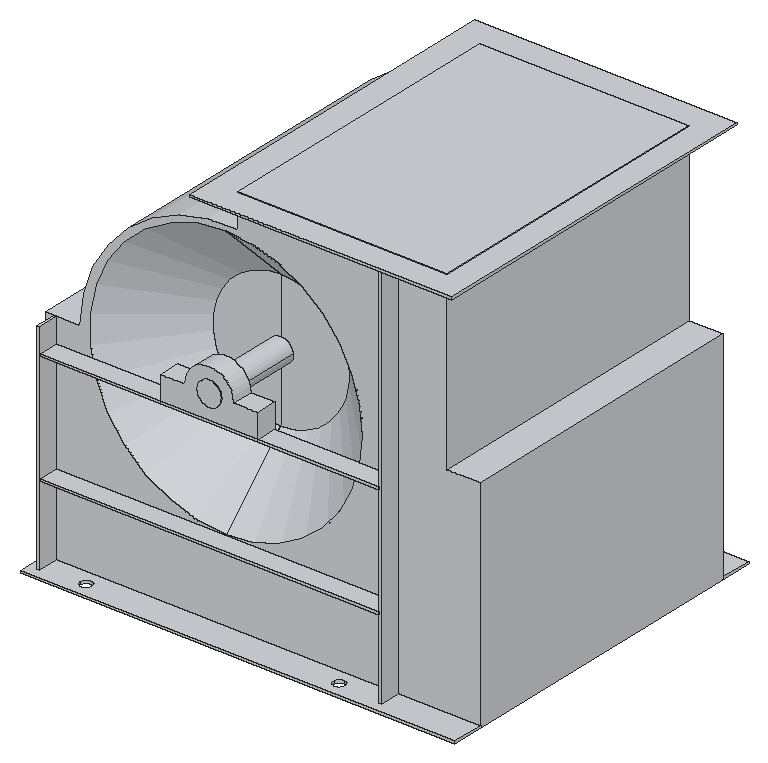
Revit family "CA_DWDI_CCW_UBD", category Mechanical Equipment, Revit 2019 (continued)
Types (61): name | X/2 | X | W/2 | W | V | U | T | S | R/2 | R+R | R | P-N-M | P-N | P | N | M/2 | M | L | K | J | INLET/2 | INLET | H | G/5*3 | G/10*3 | G-2.5" | G-(G/5*3) | G+((G/5*3)+2") | G | F-.125" | F-((D-A)/2) | F | E/2 | E | D/2 | D | B/2 | B+.25" | B | A/2 | A+.25" | A | Type Comments | -P | -((B+.25")/2) | (M-(B+.25"))/2 | (G/5*3)+2" | (D-A-.25)/2 | ((B+.25")/2)
  245_CA-DWDI_CCW_UBD_CLASS_2 | 1' - 8 21/32" | 3' - 5 5/16" | 0' - 0 13/32" | 0' - 0 13/16" | 0' - 8" | 1' - 1 1/2" | 1' - 6 21/32" | 3' - 1 5/16" | 0' - 1 7/32" | 0' - 4 7/8" | 0' - 2 7/16" | 0' - 2 1/4" | -3' - 5 5/16" | 4' - 2 1/16" | 0' - 8 3/4" | 1' - 7 17/32" | 3' - 3 1/16" | 1' - 7 17/32" | 0' - 2" | 1' - 8 7/8" | 1' - 2 23/32" | 2' - 5 7/16" | 4' - 1 1/2" | 1' - 2 23/32" | 0' - 7 23/64" | 1' - 10 9/16" | 0' - 10 9/32" | 3' - 5 23/32" | 2' - 1" | 3' - 10" | 3' - 8 7/16" | 3' - 10 1/8" | 1' - 7 7/32" | 3' - 2 7/16" | 1' - 2 7/16" | 2' - 4 7/8" | 1' - 5 17/32" | 2' - 11 5/16" | 2' - 11 1/16" | 1' - 0 3/4" | 2' - 1 3/4" | 2' - 1 1/2" | "Airfoil Centrifugal Blower Counter-Clockwise Up Blast Arrangement 3 Class 2" | -4' - 2 1/16" | -1' - 5 21/32" | 0' - 1 7/8" | 1' - 4 23/32" | 0' - 1 9/16" | 1' - 5 21/32"
  245_CA-DWDI_CCW_UBD_CLASS_3 | 1' - 8 21/32" | 3' - 5 5/16" | 0' - 0 13/32" | 0' - 0 13/16" | 0' - 8" | 1' - 1 1/2" | 1' - 6 21/32" | 3' - 1 5/16" | 0' - 1 3/32" | 0' - 4 3/8" | 0' - 2 3/16" | 0' - 2 7/8" | -3' - 5 15/16" | 4' - 2 11/16" | 0' - 8 3/4" | 1' - 7 17/32" | 3' - 3 1/16" | 1' - 7 17/32" | 0' - 2" | 1' - 8 7/8" | 1' - 2 23/32" | 2' - 5 7/16" | 4' - 1 1/2" | 1' - 2 23/32" | 0' - 7 23/64" | 1' - 10 13/16" | 0' - 10 9/32" | 3' - 5 23/32" | 2' - 1" | 3' - 10" | 3' - 8 7/16" | 3' - 10 1/8" | 1' - 7 7/32" | 3' - 2 7/16" | 1' - 2 7/16" | 2' - 4 7/8" | 1' - 5 17/32" | 2' - 11 5/16" | 2' - 11 1/16" | 1' - 0 3/4" | 2' - 1 3/4" | 2' - 1 1/2" | "Airfoil Centrifugal Blower Counter-Clockwise Up Blast Arrangement 3 Class 3" | -4' - 2 11/16" | -1' - 5 21/32" | 0' - 1 7/8" | 1' - 4 23/32" | 0' - 1 9/16" | 1' - 5 21/32"
  270_CA-DWDI_CCW_UBD_CLASS_2 | 1' - 10 27/32" | 3' - 9 11/16" | 0' - 0 13/32" | 0' - 0 13/16" | 0' - 9" | 1' - 3" | 1' - 8 27/32" | 3' - 5 11/16" | 0' - 1 11/32" | 0' - 5 3/8" | 0' - 2 11/16" | 0' - 2 1/2" | -3' - 9 15/16" | 4' - 6 15/16" | 0' - 9" | 1' - 9 23/32" | 3' - 7 7/16" | 1' - 9 23/32" | 0' - 2" | 1' - 11 3/8" | 1' - 3 31/32" | 2' - 7 15/16" | 4' - 6 3/4" | 1' - 3 31/32" | 0' - 7 63/64" | 2' - 0 5/16" | 0' - 11 1/32" | 3' - 8 31/32" | 2' - 3" | 4' - 2 1/8" | 4' - 0 9/16" | 4' - 2 1/4" | 1' - 9 13/32" | 3' - 6 13/16" | 1' - 3 7/16" | 2' - 6 7/8" | 1' - 7 23/32" | 3' - 3 11/16" | 3' - 3 7/16" | 1' - 1 3/4" | 2' - 3 3/4" | 2' - 3 1/2" | "Airfoil Centrifugal Blower Counter-Clockwise Up Blast Arrangement 3 Class 2" | -4' - 6 15/16" | -1' - 7 27/32" | 0' - 1 7/8" | 1' - 5 31/32" | 0' - 1 9/16" | 1' - 7 27/32"
  270_CA-DWDI_CCW_UBD_CLASS_3 | 1' - 10 27/32" | 3' - 9 11/16" | 0' - 0 13/32" | 0' - 0 13/16" | 0' - 9" | 1' - 3" | 1' - 8 27/32" | 3' - 5 11/16" | 0' - 1 3/32" | 0' - 4 3/8" | 0' - 2 3/16" | 0' - 2 7/8" | -3' - 10 5/16" | 4' - 7 1/16" | 0' - 8 3/4" | 1' - 9 23/32" | 3' - 7 7/16" | 1' - 9 23/32" | 0' - 2" | 1' - 11 3/8" | 1' - 3 31/32" | 2' - 7 15/16" | 4' - 6 3/4" | 1' - 3 31/32" | 0' - 7 63/64" | 2' - 0 13/16" | 0' - 11 1/32" | 3' - 8 31/32" | 2' - 3" | 4' - 2 1/8" | 4' - 0 9/16" | 4' - 2 1/4" | 1' - 9 13/32" | 3' - 6 13/16" | 1' - 3 7/16" | 2' - 6 7/8" | 1' - 7 23/32" | 3' - 3 11/16" | 3' - 3 7/16" | 1' - 1 3/4" | 2' - 3 3/4" | 2' - 3 1/2" | "Airfoil Centrifugal Blower Counter-Clockwise Up Blast Arrangement 3 Class 3" | -4' - 7 1/16" | -1' - 7 27/32" | 0' - 1 7/8" | 1' - 5 31/32" | 0' - 1 9/16" | 1' - 7 27/32"
  300_CA-DWDI_CCW_UBD_CLASS_2 | 2' - 0 5/8" | 4' - 1 1/4" | 0' - 0 13/32" | 0' - 0 13/16" | 0' - 10" | 1' - 4 1/2" | 1' - 10 5/8" | 3' - 9 1/4" | 0' - 1 11/32" | 0' - 5 3/8" | 0' - 2 11/16" | 0' - 2 1/2" | -4' - 1 1/2" | 4' - 11" | 0' - 9 1/2" | 1' - 11 1/2" | 3' - 11" | 1' - 11 1/2" | 0' - 2" | 2' - 1 3/8" | 1' - 5 15/32" | 2' - 10 15/16" | 5' - 0" | 1' - 5 15/32" | 0' - 8 47/64" | 2' - 3 5/16" | 1' - 0 17/32" | 4' - 1 15/32" | 2' - 6" | 4' - 7 3/4" | 4' - 6 5/32" | 4' - 7 7/8" | 1' - 11 7/32" | 3' - 10 7/16" | 1' - 5 5/16" | 2' - 10 5/8" | 1' - 9 1/2" | 3' - 7 1/4" | 3' - 7" | 1' - 3 19/32" | 2' - 7 7/16" | 2' - 7 3/16" | "Airfoil Centrifugal Blower Counter-Clockwise Up Blast Arrangement 3 Class 2" | -4' - 11" | -1' - 9 5/8" | 0' - 1 7/8" | 1' - 7 15/32" | 0' - 1 19/32" | 1' - 9 5/8"
  300_CA-DWDI_CCW_UBD_CLASS_3 | 2' - 0 5/8" | 4' - 1 1/4" | 0' - 0 13/32" | 0' - 0 13/16" | 0' - 10" | 1' - 4 1/2" | 1' - 10 5/8" | 3' - 9 1/4" | 0' - 1 7/32" | 0' - 4 7/8" | 0' - 2 7/16" | 0' - 2 7/8" | -4' - 1 7/8" | 4' - 11 3/8" | 0' - 9 1/2" | 1' - 11 1/2" | 3' - 11" | 1' - 11 1/2" | 0' - 2" | 2' - 1 3/8" | 1' - 5 15/32" | 2' - 10 15/16" | 5' - 0" | 1' - 5 15/32" | 0' - 8 47/64" | 2' - 3 9/16" | 1' - 0 17/32" | 4' - 1 15/32" | 2' - 6" | 4' - 7 3/4" | 4' - 6 5/32" | 4' - 7 7/8" | 1' - 11 7/32" | 3' - 10 7/16" | 1' - 5 5/16" | 2' - 10 5/8" | 1' - 9 1/2" | 3' - 7 1/4" | 3' - 7" | 1' - 3 19/32" | 2' - 7 7/16" | 2' - 7 3/16" | "Airfoil Centrifugal Blower Counter-Clockwise Up Blast Arrangement 3 Class 3" | -4' - 11 3/8" | -1' - 9 5/8" | 0' - 1 7/8" | 1' - 7 15/32" | 0' - 1 19/32" | 1' - 9 5/8"
  330_CA-DWDI_CCW_UBD_CLASS_2 | 2' - 2 23/32" | 4' - 5 7/16" | 0' - 0 13/32" | 0' - 0 13/16" | 1' - 0" | 1' - 6" | 2' - 0 21/32" | 4' - 1 5/16" | 0' - 1 3/32" | 0' - 4 3/8" | 0' - 2 3/16" | 0' - 3" | -4' - 6 1/16" | 5' - 3 11/16" | 0' - 9 5/8" | 2' - 1 17/32" | 4' - 3 1/16" | 2' - 1 17/32" | 0' - 2" | 2' - 3 7/8" | 1' - 6 31/32" | 3' - 1 15/16" | 5' - 5 3/4" | 1' - 6 31/32" | 0' - 9 31/64" | 2' - 6 13/16" | 1' - 2 1/32" | 4' - 5 31/32" | 2' - 9" | 5' - 1 1/4" | 4' - 11 5/32" | 5' - 1 3/8" | 2' - 1 3/4" | 4' - 3 1/2" | 1' - 7 15/32" | 3' - 2 15/16" | 1' - 11 17/32" | 3' - 11 5/16" | 3' - 11 1/16" | 1' - 5 1/4" | 2' - 10 3/4" | 2' - 10 1/2" | "Airfoil Centrifugal Blower Counter-Clockwise Up Blast Arrangement 3 Class 2" | -5' - 3 11/16" | -1' - 11 21/32" | 0' - 1 7/8" | 1' - 8 31/32" | 0' - 2 3/32" | 1' - 11 21/32"
  330_CA-DWDI_CCW_UBD_CLASS_3 | 2' - 2 23/32" | 4' - 5 7/16" | 0' - 0 13/32" | 0' - 0 13/16" | 1' - 0" | 1' - 6" | 2' - 0 21/32" | 4' - 1 5/16" | 0' - 1 7/32" | 0' - 4 7/8" | 0' - 2 7/16" | 0' - 2 7/8" | -4' - 5 15/16" | 5' - 3 15/16" | 0' - 10" | 2' - 1 17/32" | 4' - 3 1/16" | 2' - 1 17/32" | 0' - 2" | 2' - 3 7/8" | 1' - 6 31/32" | 3' - 1 15/16" | 5' - 5 3/4" | 1' - 6 31/32" | 0' - 9 31/64" | 2' - 6 9/16" | 1' - 2 1/32" | 4' - 5 31/32" | 2' - 9" | 5' - 1 1/4" | 4' - 11 5/32" | 5' - 1 3/8" | 2' - 1 3/4" | 4' - 3 1/2" | 1' - 7 15/32" | 3' - 2 15/16" | 1' - 11 17/32" | 3' - 11 5/16" | 3' - 11 1/16" | 1' - 5 1/4" | 2' - 10 3/4" | 2' - 10 1/2" | "Airfoil Centrifugal Blower Counter-Clockwise Up Blast Arrangement 3 Class 3" | -5' - 3 15/16" | -1' - 11 21/32" | 0' - 1 7/8" | 1' - 8 31/32" | 0' - 2 3/32" | 1' - 11 21/32"
  365_CA-DWDI_CCW_UBD_CLASS_2 | 2' - 5 9/32" | 4' - 10 9/16" | 0' - 0 13/32" | 0' - 0 13/16" | 1' - 1" | 1' - 8" | 2' - 3 7/32" | 4' - 6 7/16" | 0' - 1 7/32" | 0' - 4 7/8" | 0' - 2 7/16" | 0' - 2 7/8" | -4' - 11 1/16" | 5' - 9 9/16" | 0' - 10 1/2" | 2' - 4 3/32" | 4' - 8 3/16" | 2' - 4 3/32" | 0' - 2" | 2' - 6 5/8" | 1' - 8 23/32" | 3' - 5 7/16" | 6' - 0 3/8" | 1' - 8 23/32" | 0' - 10 23/64" | 2' - 9 9/16" | 1' - 3 9/32" | 4' - 10 23/32" | 3' - 0" | 5' - 7 5/16" | 5' - 5 7/32" | 5' - 7 7/16" | 2' - 4 5/16" | 4' - 8 5/8" | 1' - 9 9/16" | 3' - 7 1/8" | 2' - 2 3/32" | 4' - 4 7/16" | 4' - 4 3/16" | 1' - 7 11/32" | 3' - 2 15/16" | 3' - 2 11/16" | "Airfoil Centrifugal Blower Counter-Clockwise Up Blast Arrangement 3 Class 2" | -5' - 9 9/16" | -2' - 2 7/32" | 0' - 1 7/8" | 1' - 10 23/32" | 0' - 2 3/32" | 2' - 2 7/32"
  365_CA-DWDI_CCW_UBD_CLASS_3 | 2' - 5 9/32" | 4' - 10 9/16" | 0' - 0 13/32" | 0' - 0 13/16" | 1' - 1" | 1' - 8" | 2' - 3 7/32" | 4' - 6 7/16" | 0' - 1 11/32" | 0' - 5 3/8" | 0' - 2 11/16" | 0' - 3 3/8" | -4' - 11 9/16" | 5' - 10 1/16" | 0' - 10 1/2" | 2' - 4 3/32" | 4' - 8 3/16" | 2' - 4 3/32" | 0' - 2" | 2' - 6 5/8" | 1' - 8 23/32" | 3' - 5 7/16" | 6' - 0 3/8" | 1' - 8 23/32" | 0' - 10 23/64" | 2' - 9 5/16" | 1' - 3 9/32" | 4' - 10 23/32" | 3' - 0" | 5' - 7 5/16" | 5' - 5 7/32" | 5' - 7 7/16" | 2' - 4 5/16" | 4' - 8 5/8" | 1' - 9 9/16" | 3' - 7 1/8" | 2' - 2 3/32" | 4' - 4 7/16" | 4' - 4 3/16" | 1' - 7 11/32" | 3' - 2 15/16" | 3' - 2 11/16" | "Airfoil Centrifugal Blower Counter-Clockwise Up Blast Arrangement 3 Class 3" | -5' - 10 1/16" | -2' - 2 7/32" | 0' - 1 7/8" | 1' - 10 23/32" | 0' - 2 3/32" | 2' - 2 7/32"
  402_CA-DWDI_CCW_UBD_CLASS_2 | 2' - 8 19/32" | 5' - 5 3/16" | 0' - 0 17/32" | 0' - 1 1/16" | 1' - 2" | 1' - 10" | 2' - 6 21/32" | 5' - 1 5/16" | 0' - 1 7/32" | 0' - 4 7/8" | 0' - 2 7/16" | 0' - 1 7/8" | -5' - 5 11/16" | 6' - 3 11/16" | 0' - 10" | 2' - 7 29/32" | 5' - 3 13/16" | 2' - 7 29/32" | 0' - 3" | 2' - 9 5/8" | 1' - 10 19/32" | 3' - 9 3/16" | 6' - 8 3/8" | 1' - 10 19/32" | 0' - 11 19/64" | 3' - 1 9/16" | 1' - 5 13/32" | 5' - 4 19/32" | 3' - 4" | 6' - 2 9/16" | 6' - 0 15/32" | 6' - 2 11/16" | 2' - 7 1/8" | 5' - 2 1/4" | 1' - 11 3/32" | 3' - 10 3/16" | 2' - 4 29/32" | 4' - 10 1/16" | 4' - 9 13/16" | 1' - 8 7/8" | 3' - 6" | 3' - 5 3/4" | "Airfoil Centrifugal Blower Counter-Clockwise Up Blast Arrangement 3 Class 2" | -6' - 3 11/16" | -2' - 5 1/32" | 0' - 2 7/8" | 2' - 0 19/32" | 0' - 2 3/32" | 2' - 5 1/32"
  402_CA-DWDI_CCW_UBD_CLASS_3 | 2' - 8 19/32" | 5' - 5 3/16" | 0' - 0 17/32" | 0' - 1 1/16" | 1' - 2" | 1' - 10" | 2' - 6 21/32" | 5' - 1 5/16" | 0' - 1 11/32" | 0' - 5 3/8" | 0' - 2 11/16" | 0' - 1 7/8" | -5' - 5 11/16" | 6' - 4 3/16" | 0' - 10 1/2" | 2' - 7 29/32" | 5' - 3 13/16" | 2' - 7 29/32" | 0' - 3" | 2' - 9 5/8" | 1' - 10 19/32" | 3' - 9 3/16" | 6' - 8 3/8" | 1' - 10 19/32" | 0' - 11 19/64" | 3' - 1 5/16" | 1' - 5 13/32" | 5' - 4 19/32" | 3' - 4" | 6' - 2 9/16" | 6' - 0 15/32" | 6' - 2 11/16" | 2' - 7 1/8" | 5' - 2 1/4" | 1' - 11 3/32" | 3' - 10 3/16" | 2' - 4 29/32" | 4' - 10 1/16" | 4' - 9 13/16" | 1' - 8 7/8" | 3' - 6" | 3' - 5 3/4" | "Airfoil Centrifugal Blower Counter-Clockwise Up Blast Arrangement 3 Class 3" | -6' - 4 3/16" | -2' - 5 1/32" | 0' - 2 7/8" | 2' - 0 19/32" | 0' - 2 3/32" | 2' - 5 1/32"
  445_CA-DWDI_CCW_UBD_CLASS_2 | 2' - 11 13/16" | 5' - 11 5/8" | 0' - 0 17/32" | 0' - 1 1/16" | 1' - 4" | 2' - 0" | 2' - 9 7/8" | 5' - 7 3/4" | 0' - 1 11/32" | 0' - 5 3/8" | 0' - 2 11/16" | 0' - 2 1/4" | -6' - 0 1/2" | 6' - 11 1/2" | 0' - 11" | 2' - 11 1/8" | 5' - 10 1/4" | 2' - 11 1/8" | 0' - 3" | 3' - 1 1/8" | 2' - 0 23/32" | 4' - 1 7/16" | 7' - 4 1/2" | 2' - 0 23/32" | 1' - 0 23/64" | 3' - 5 5/16" | 1' - 7 9/32" | 5' - 10 23/32" | 3' - 8" | 6' - 10 3/16" | 6' - 8 3/32" | 6' - 10 5/16" | 2' - 10 11/32" | 5' - 8 11/16" | 2' - 1 3/16" | 4' - 2 3/8" | 2' - 8 1/8" | 5' - 4 1/2" | 5' - 4 1/4" | 1' - 10 31/32" | 3' - 10 3/16" | 3' - 9 15/16" | "Airfoil Centrifugal Blower Counter-Clockwise Up Blast Arrangement 3 Class 2" | -6' - 11 1/2" | -2' - 8 1/4" | 0' - 2 7/8" | 2' - 2 23/32" | 0' - 2 3/32" | 2' - 8 1/4"
  445_CA-DWDI_CCW_UBD_CLASS_3 | 2' - 11 13/16" | 5' - 11 5/8" | 0' - 0 17/32" | 0' - 1 1/16" | 1' - 4" | 2' - 0" | 2' - 9 7/8" | 5' - 7 3/4" | 0' - 1 15/32" | 0' - 5 7/8" | 0' - 2 15/16" | 0' - 2 1/4" | -6' - 0 1/2" | 6' - 11 1/2" | 0' - 11" | 2' - 11 1/8" | 5' - 10 1/4" | 2' - 11 1/8" | 0' - 3" | 3' - 1 1/8" | 2' - 0 23/32" | 4' - 1 7/16" | 7' - 4 1/2" | 2' - 0 23/32" | 1' - 0 23/64" | 3' - 5 1/16" | 1' - 7 9/32" | 5' - 10 23/32" | 3' - 8" | 6' - 10 3/16" | 6' - 8 3/32" | 6' - 10 5/16" | 2' - 10 11/32" | 5' - 8 11/16" | 2' - 1 3/16" | 4' - 2 3/8" | 2' - 8 1/8" | 5' - 4 1/2" | 5' - 4 1/4" | 1' - 10 31/32" | 3' - 10 3/16" | 3' - 9 15/16" | "Airfoil Centrifugal Blower Counter-Clockwise Up Blast Arrangement 3 Class 3" | -6' - 11 1/2" | -2' - 8 1/4" | 0' - 2 7/8" | 2' - 2 23/32" | 0' - 2 3/32" | 2' - 8 1/4"
  490_CA-DWDI_CCW_UBD_CLASS_2 | 3' - 2 3/4" | 6' - 5 1/2" | 0' - 0 17/32" | 0' - 1 1/16" | 1' - 6" | 2' - 2 1/2" | 3' - 0 13/16" | 6' - 1 5/8" | 0' - 1 23/32" | 0' - 6 7/8" | 0' - 3 7/16" | 0' - 2 1/4" | -6' - 6 3/8" | 7' - 6 3/8" | 1' - 0" | 3' - 2 1/16" | 6' - 4 1/8" | 3' - 2 1/16" | 0' - 3" | 3' - 4 3/4" | 2' - 3 1/2" | 4' - 7" | 8' - 1" | 2' - 3 1/2" | 1' - 1 3/4" | 3' - 8 9/16" | 1' - 8 1/2" | 6' - 5 1/2" | 4' - 0" | 7' - 6 1/16" | 7' - 3 31/32" | 7' - 6 3/16" | 3' - 1 9/32" | 6' - 2 9/16" | 2' - 3 23/32" | 4' - 7 7/16" | 2' - 11 1/16" | 5' - 10 3/8" | 5' - 10 1/8" | 2' - 1 1/2" | 4' - 3 1/4" | 4' - 3" | "Airfoil Centrifugal Blower Counter-Clockwise Up Blast Arrangement 3 Class 2" | -7' - 6 3/8" | -2' - 11 3/16" | 0' - 2 7/8" | 2' - 5 1/2" | 0' - 2 3/32" | 2' - 11 3/16"
  490_CA-DWDI_CCW_UBD_CLASS_3 | 3' - 2 3/4" | 6' - 5 1/2" | 0' - 0 17/32" | 0' - 1 1/16" | 1' - 6" | 2' - 2 1/2" | 3' - 0 13/16" | 6' - 1 5/8" | 0' - 1 23/32" | 0' - 6 7/8" | 0' - 3 7/16" | 0' - 2 1/2" | -6' - 6 5/8" | 7' - 6 5/8" | 1' - 0" | 3' - 2 1/16" | 6' - 4 1/8" | 3' - 2 1/16" | 0' - 3" | 3' - 4 3/4" | 2' - 3 1/2" | 4' - 7" | 8' - 1" | 2' - 3 1/2" | 1' - 1 3/4" | 3' - 8 9/16" | 1' - 8 1/2" | 6' - 5 1/2" | 4' - 0" | 7' - 6 1/16" | 7' - 3 31/32" | 7' - 6 3/16" | 3' - 1 9/32" | 6' - 2 9/16" | 2' - 3 23/32" | 4' - 7 7/16" | 2' - 11 1/16" | 5' - 10 3/8" | 5' - 10 1/8" | 2' - 1 1/2" | 4' - 3 1/4" | 4' - 3" | "Airfoil Centrifugal Blower Counter-Clockwise Up Blast Arrangement 3 Class 3" | -7' - 6 5/8" | -2' - 11 3/16" | 0' - 2 7/8" | 2' - 5 1/2" | 0' - 2 3/32" | 2' - 11 3/16"
  540_CA-DWDI_CCW_UBD_CLASS_2 | 3' - 8 5/32" | 7' - 4 5/16" | 0' - 0 17/32" | 0' - 1 1/16" | 1' - 8" | 2' - 5" | 3' - 4 23/32" | 6' - 9 7/16" | 0' - 1 31/32" | 0' - 7 7/8" | 0' - 3 15/16" | 0' - 2 1/4" | -7' - 2 3/16" | 8' - 3 15/16" | 1' - 1 3/4" | 3' - 5 31/32" | 6' - 11 15/16" | 3' - 5 31/32" | 0' - 3" | 3' - 8 7/8" | 2' - 6" | 5' - 0" | 8' - 10 5/8" | 2' - 6" | 1' - 3" | 4' - 1 1/16" | 1' - 11" | 7' - 1" | 4' - 5" | 8' - 3 3/8" | 8' - 1 9/32" | 8' - 3 1/2" | 3' - 5 3/16" | 6' - 10 3/8" | 2' - 6 3/32" | 5' - 0 3/16" | 3' - 2 31/32" | 6' - 6 3/16" | 6' - 5 15/16" | 2' - 3 7/8" | 4' - 8" | 4' - 7 3/4" | "Airfoil Centrifugal Blower Counter-Clockwise Up Blast Arrangement 3 Class 2" | -8' - 3 15/16" | -3' - 3 3/32" | 0' - 2 7/8" | 2' - 8" | 0' - 2 3/32" | 3' - 3 3/32"
  540_CA-DWDI_CCW_UBD_CLASS_3 | 3' - 8 5/32" | 7' - 4 5/16" | 0' - 0 17/32" | 0' - 1 1/16" | 1' - 8" | 2' - 5" | 3' - 4 23/32" | 6' - 9 7/16" | 0' - 1 31/32" | 0' - 7 7/8" | 0' - 3 15/16" | 0' - 2 1/16" | -7' - 2" | 8' - 4 3/16" | 1' - 2 3/16" | 3' - 5 31/32" | 6' - 11 15/16" | 3' - 5 31/32" | 0' - 3" | 3' - 8 7/8" | 2' - 6" | 5' - 0" | 8' - 10 5/8" | 2' - 6" | 1' - 3" | 4' - 1 1/16" | 1' - 11" | 7' - 1" | 4' - 5" | 8' - 3 3/8" | 8' - 1 9/32" | 8' - 3 1/2" | 3' - 5 3/16" | 6' - 10 3/8" | 2' - 6 3/32" | 5' - 0 3/16" | 3' - 2 31/32" | 6' - 6 3/16" | 6' - 5 15/16" | 2' - 3 7/8" | 4' - 8" | 4' - 7 3/4" | "Airfoil Centrifugal Blower Counter-Clockwise Up Blast Arrangement 3 Class 3" | -8' - 4 3/16" | -3' - 3 3/32" | 0' - 2 7/8" | 2' - 8" | 0' - 2 3/32" | 3' - 3 3/32"
  600_CA-DWDI_CCW_UBD_CLASS_2 | 4' - 0 5/16" | 8' - 0 5/8" | 0' - 0 17/32" | 0' - 1 1/16" | 1' - 10" | 2' - 8" | 3' - 8 7/8" | 7' - 5 3/4" | 0' - 1 31/32" | 0' - 7 7/8" | 0' - 3 15/16" | 0' - 2 1/4" | -7' - 10 1/2" | 9' - 0 3/4" | 1' - 2 1/4" | 3' - 10 1/8" | 7' - 8 1/4" | 3' - 10 1/8" | 0' - 3" | 4' - 1 3/4" | 2' - 9" | 5' - 6" | 9' - 10" | 2' - 9" | 1' - 4 1/2" | 4' - 7 1/16" | 2' - 2" | 7' - 10" | 4' - 11" | 9' - 2 9/16" | 9' - 0 15/32" | 9' - 2 11/16" | 3' - 9 11/32" | 7' - 6 11/16" | 2' - 9 5/16" | 5' - 6 5/8" | 3' - 7 1/8" | 7' - 2 1/2" | 7' - 2 1/4" | 2' - 7 3/32" | 5' - 2 7/16" | 5' - 2 3/16" | "Airfoil Centrifugal Blower Counter-Clockwise Up Blast Arrangement 3 Class 2" | -9' - 0 3/4" | -3' - 7 1/4" | 0' - 2 7/8" | 2' - 11" | 0' - 2 3/32" | 3' - 7 1/4"
  600_CA-DWDI_CCW_UBD_CLASS_3 | 4' - 0 5/16" | 8' - 0 5/8" | 0' - 0 17/32" | 0' - 1 1/16" | 1' - 10" | 2' - 8" | 3' - 8 7/8" | 7' - 5 3/4" | 0' - 2 7/32" | 0' - 8 7/8" | 0' - 4 7/16" | 0' - 3 3/4" | -8' - 0" | 9' - 2 3/4" | 1' - 2 3/4" | 3' - 10 1/8" | 7' - 8 1/4" | 3' - 10 1/8" | 0' - 3" | 4' - 1 3/4" | 2' - 9" | 5' - 6" | 9' - 10" | 2' - 9" | 1' - 4 1/2" | 4' - 6 9/16" | 2' - 2" | 7' - 10" | 4' - 11" | 9' - 2 9/16" | 9' - 0 15/32" | 9' - 2 11/16" | 3' - 9 11/32" | 7' - 6 11/16" | 2' - 9 5/16" | 5' - 6 5/8" | 3' - 7 1/8" | 7' - 2 1/2" | 7' - 2 1/4" | 2' - 7 3/32" | 5' - 2 7/16" | 5' - 2 3/16" | "Airfoil Centrifugal Blower Counter-Clockwise Up Blast Arrangement 3 Class 3" | -9' - 2 3/4" | -3' - 7 1/4" | 0' - 2 7/8" | 2' - 11" | 0' - 2 3/32" | 3' - 7 1/4"
  660_CA-DWDI_CCW_UBD_CLASS_2 | 4' - 4 5/8" | 8' - 9 1/4" | 0' - 0 17/32" | 0' - 1 1/16" | 2' - 1" | 2' - 11" | 4' - 1 3/16" | 8' - 2 3/8" | 0' - 2 7/32" | 0' - 8 7/8" | 0' - 4 7/16" | 0' - 2 7/16" | -8' - 7 5/16" | 9' - 10 5/8" | 1' - 3 5/16" | 4' - 2 7/16" | 8' - 4 7/8" | 4' - 2 7/16" | 0' - 3" | 4' - 6 5/8" | 3' - 0" | 6' - 0" | 10' - 9 3/8" | 3' - 0" | 1' - 6" | 5' - 0 9/16" | 2' - 5" | 8' - 7" | 5' - 5" | 10' - 1 3/4" | 9' - 11 21/32" | 10' - 1 7/8" | 4' - 1 21/32" | 8' - 3 5/16" | 3' - 0 7/16" | 6' - 0 7/8" | 3' - 11 7/16" | 7' - 11 1/8" | 7' - 10 7/8" | 2' - 10 7/32" | 5' - 8 11/16" | 5' - 8 7/16" | "Airfoil Centrifugal Blower Counter-Clockwise Up Blast Arrangement 3 Class 2" | -9' - 10 5/8" | -3' - 11 9/16" | 0' - 2 7/8" | 3' - 2" | 0' - 2 3/32" | 3' - 11 9/16"
  660_CA-DWDI_CCW_UBD_CLASS_3 | 4' - 4 5/8" | 8' - 9 1/4" | 0' - 0 17/32" | 0' - 1 1/16" | 2' - 1" | 2' - 11" | 4' - 1 3/16" | 8' - 2 3/8" | 0' - 2 7/32" | 0' - 8 7/8" | 0' - 4 7/16" | 0' - 4 3/8" | -8' - 9 1/4" | 9' - 11 7/8" | 1' - 2 5/8" | 4' - 2 7/16" | 8' - 4 7/8" | 4' - 2 7/16" | 0' - 3" | 4' - 6 5/8" | 3' - 0" | 6' - 0" | 10' - 9 3/8" | 3' - 0" | 1' - 6" | 5' - 0 9/16" | 2' - 5" | 8' - 7" | 5' - 5" | 10' - 1 3/4" | 9' - 11 21/32" | 10' - 1 7/8" | 4' - 1 21/32" | 8' - 3 5/16" | 3' - 0 7/16" | 6' - 0 7/8" | 3' - 11 7/16" | 7' - 11 1/8" | 7' - 10 7/8" | 2' - 10 7/32" | 5' - 8 11/16" | 5' - 8 7/16" | "Airfoil Centrifugal Blower Counter-Clockwise Up Blast Arrangement 3 Class 3" | -9' - 11 7/8" | -3' - 11 9/16" | 0' - 2 7/8" | 3' - 2" | 0' - 2 3/32" | 3' - 11 9/16"
  730 _CA-DWDI_CCW_UBD_CLASS_2 | 4' - 9 9/16" | 9' - 7 1/8" | 0' - 0 17/32" | 0' - 1 1/16" | 2' - 4" | 3' - 2 1/2" | 4' - 6 1/8" | 9' - 0 1/4" | 0' - 2 7/32" | 0' - 8 7/8" | 0' - 4 7/16" | 0' - 3 3/4" | -9' - 6 1/2" | 10' - 10 3/4" | 1' - 4 1/4" | 4' - 7 3/8" | 9' - 2 3/4" | 4' - 7 3/8" | 0' - 3" | 5' - 0 1/4" | 3' - 3 1/2" | 6' - 7" | 11' - 10 5/8" | 3' - 3 1/2" | 1' - 7 3/4" | 5' - 7 9/16" | 2' - 8 1/2" | 9' - 5 1/2" | 6' - 0" | 11' - 2 3/4" | 11' - 0 21/32" | 11' - 2 7/8" | 4' - 6 19/32" | 9' - 1 3/16" | 3' - 4 1/8" | 6' - 8 1/4" | 4' - 4 3/8" | 8' - 9" | 8' - 8 3/4" | 3' - 1 29/32" | 6' - 4 1/16" | 6' - 3 13/16" | "Airfoil Centrifugal Blower Counter-Clockwise Up Blast Arrangement 3 Class 2" | -10' - 10 3/4" | -4' - 4 1/2" | 0' - 2 7/8" | 3' - 5 1/2" | 0' - 2 3/32" | 4' - 4 1/2"
  730 _CA-DWDI_CCW_UBD_CLASS_3 | 4' - 9 9/16" | 9' - 7 1/8" | 0' - 0 17/32" | 0' - 1 1/16" | 2' - 4" | 3' - 2 1/2" | 4' - 6 1/8" | 9' - 0 1/4" | 0' - 2 15/32" | 0' - 9 7/8" | 0' - 4 15/16" | 0' - 3 3/4" | -9' - 6 1/2" | 10' - 11 1/4" | 1' - 4 3/4" | 4' - 7 3/8" | 9' - 2 3/4" | 4' - 7 3/8" | 0' - 3" | 5' - 0 1/4" | 3' - 3 1/2" | 6' - 7" | 11' - 10 5/8" | 3' - 3 1/2" | 1' - 7 3/4" | 5' - 7 1/16" | 2' - 8 1/2" | 9' - 5 1/2" | 6' - 0" | 11' - 2 3/4" | 11' - 0 21/32" | 11' - 2 7/8" | 4' - 6 19/32" | 9' - 1 3/16" | 3' - 4 1/8" | 6' - 8 1/4" | 4' - 4 3/8" | 8' - 9" | 8' - 8 3/4" | 3' - 1 29/32" | 6' - 4 1/16" | 6' - 3 13/16" | "Airfoil Centrifugal Blower Counter-Clockwise Up Blast Arrangement 3 Class 3" | -10' - 11 1/4" | -4' - 4 1/2" | 0' - 2 7/8" | 3' - 5 1/2" | 0' - 2 3/32" | 4' - 4 1/2"
